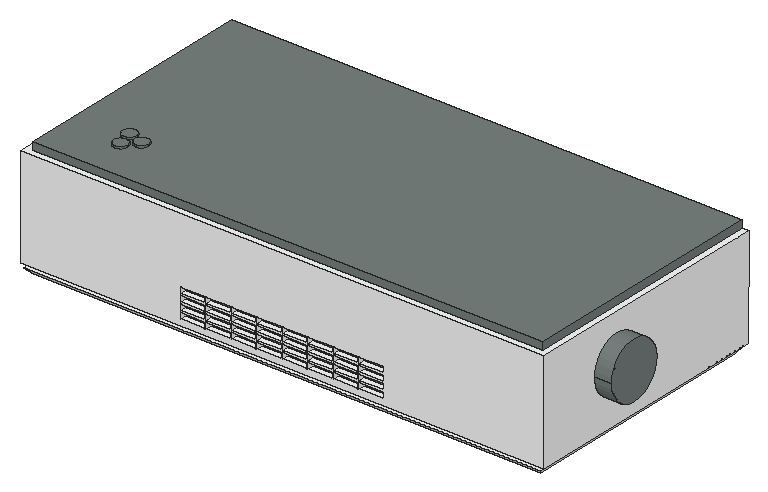
Revit family "AM 150 HHBDE", category Mechanical Equipment, Revit 2019
Family settings
  Round Connector Dimension = Use Diameter
  Part Type = Normal
  OmniClass Number = 23.75.00.00
  OmniClass Title = Climate Control (HVAC)
  Work Plane-Based = No
  Always vertical = Yes
  Cut with Voids When Loaded = No
  Shared = No
  Room Calculation Point = No
Parameters
  publication date = "09.10.2024"
  Weight (Standard Unit) = 47  # constant formula
  Water Heater Surface Return = 15 mm  # constant formula
  Water Heater Surface IN = 15 mm  # constant formula
  Version number = "1.0"
  URL = "https://www.airmaster-as.com/products/ventilation-units-wall-mounted/am-150"
  Total Width = 1170 mm  # constant formula
  Total Hight = 262 mm  # constant formula
  T-C Duct Supply = 158 mm  # constant formula
  T-C Duct Exhaust = 158 mm  # constant formula
  Suply Air In = 160 mm  # constant formula
  Return Air = 125 mm  # constant formula
  R-C Duct Supply = 105 mm  # constant formula
  Phase 1 - Max Power Consumption = "1175 W"
  Phase 1 - Max Current = "7,97 A"
  Nominal current, electrical preheating surface = "4,35 A"
  Nominal current, electrical comfort heating surface = "2,17 A"
  Nominal current, air handling unit = "1,45 A"
  Network Conection = "AWG 24 CAT 5e STP"
  Model = "AM 150 HHBDE"
  Max. flow rate 35 dB(A) with ePM10 80% filters = 120.00 m³  # constant formula
  Max. flow rate 35 dB(A) with ePM10 55% filters = 137.00 m³  # constant formula
  Max. flow rate 35 dB(A) with ePM10 50% filters = 156.00 m³  # constant formula
  Max. flow rate 30 dB(A) with ePM10 80% filters = 91.00 m³  # constant formula
  Max. flow rate 30 dB(A) with ePM10 55% filters = 98.00 m³  # constant formula
  Max. flow rate 30 dB(A) with ePM10 50% filters = 123.00 m³  # constant formula
  Manufacturer = "Airmaster A/S"
  Maintenance [instance] = no
  L-C Duct Exhaust = 105 mm  # constant formula
  Exhaust Air = 160 mm  # constant formula
  Total Depth = 571 mm  # constant formula
  Electrical connection = "1 ~ 230 V / N / PE / 50 Hz"
  Drawn By = "LSB"
  Condensate = 6 mm  # constant formula
  BMS Panel = "(PTS) 2x2x0,6"
  BMS Out = "(PTS) 2x2x0,6"
  BMS IN = "(PTS) 2x2x0,6"
  Airlow area [instance] = no
Reference planes
  plane 1 "Center (Front/Back)": y = 0
  plane 2: z = 0
  plane 3 "Center (Left/Right)": x = 0
  plane 4 "Center L/S": y = -571
  plane 5 "Center L/T": x = -585
  plane 6 "Center L/U": x = 585
  plane 7 "TOP": z = 262
  plane 8 "Center L/V": x = -570
  plane 9 "Center L/W": y = -556
  plane 10 "Center L/X": x = 570
  plane 11 "Panel Buttom": z = 20.747
  plane 12 "Panel Top": z = 246.501
  plane 13 "Hatch": z = 14.5
Forms (mm)
  Extrusion 1, solid, material "AM Grey"
    sketch origin (0, 0, 0) x (1, 0, 0) y (0, 1, 0)
      loop
        line (-570, 0) -> (-570, -556) -> (570, -556) -> (570, 0) -> (-570, 0)
    from 14.5 to 262
  Extrusion 2, solid, material "AM White"
    sketch origin (794.5, -1524, 20.747) x (0, -1, 0) y (-1, 0, 0)
      loop
        line (-1524, 1379.5) -> (-1524, 1364.5) -> (-968, 1364.5) -> (-968, 224.5) -> (-1524, 224.5) -> (-1524, 209.5) -> (-953, 209.5) -> (-953, 1379.5) -> (-1524, 1379.5)
    from 0 to -225.754
  Blend 3, solid, material "AM White"
    base sketch origin (-790.646, -1524, 14.5) x (0, -1, 0) y (1, 0, 0)
      loop
        line (-953, 212.613) -> (-953, 1368.657) -> (-1524, 1368.657) -> (-1524, 212.613) -> (-953, 212.613)
    top sketch origin (-790.646, -1524, 14.5) x (0, -1, 0) y (1, 0, 0)
      loop
        line (-968, 223.963) -> (-968, 1357.646) -> (-1509.161, 1357.646) -> (-1509.161, 223.963) -> (-968, 223.963)
    from 0 to -14.5
  Extrusion 4, solid, material "AM Grey"
    sketch origin (-570, 0, 15.499) x (1, 0, 0) y (0, 0, -1)
      loop
        circle (1050, -119.501) r 77.16
      loop
        circle (1050, -119.501) r 78
    from 0 to 18.45
  Extrusion 5, solid, material "AM Grey"
    sketch origin (-785, 0, 15.499) x (1, 0, 0) y (0, 0, -1)
      loop
        circle (305, -119.501) r 77.16
      loop
        circle (305, -119.501) r 78
    from 0 to 18.45
  Extrusion 6, solid, material "Maintenece", visible <- "Maintenance"
    sketch origin (-790.646, -1524, 0) x (1, 0, 0) y (0, -1, 0)
      loop
        line (205.646, -1524) -> (1375.646, -1524) -> (1375.646, -953) -> (205.646, -953) -> (205.646, -1524)
    from 0 to 1200
  Extrusion 7, solid, material "AM Grey"
    sketch origin (-876.982, -12.495, 262) x (1, 0, 0) y (0, 1, 0)
      loop
        circle (423.027, -417.273) r 15.55
    from 0 to 3
  Extrusion 8, solid, material "AM Grey"
    sketch origin (-866.134, 5.874, 262) x (1, 0, 0) y (0, 1, 0)
      loop
        circle (447.132, -446.023) r 15.55
    from 0 to 3
  Extrusion 9, solid, material "AM Grey"
    sketch origin (-855.713, -13.073, 262) x (1, 0, 0) y (0, 1, 0)
      loop
        circle (410.201, -452.535) r 15.55
    from 0 to 3
  Extrusion 10, void
    sketch origin (585, -571, 24.45) x (1, 0, 0) y (0, 0, -1)
      loop
        line (-811.5, -75.55) -> (-757.5, -75.55) -> (-757.5, -61.55) -> (-811.5, -61.55) -> (-811.5, -75.55)
      loop
        line (-811.5, -58.55) -> (-757.5, -58.55) -> (-757.5, -44.55) -> (-811.5, -44.55) -> (-811.5, -58.55)
      loop
        line (-811.5, -41.55) -> (-757.5, -41.55) -> (-757.5, -27.55) -> (-811.5, -27.55) -> (-811.5, -41.55)
      loop
        line (-811.5, -24.55) -> (-757.5, -24.55) -> (-757.5, -10.55) -> (-811.5, -10.55) -> (-811.5, -24.55)
      loop
        line (-754.5, -75.55) -> (-700.5, -75.55) -> (-700.5, -61.55) -> (-754.5, -61.55) -> (-754.5, -75.55)
      loop
        line (-754.5, -58.55) -> (-700.5, -58.55) -> (-700.5, -44.55) -> (-754.5, -44.55) -> (-754.5, -58.55)
      loop
        line (-754.5, -41.55) -> (-700.5, -41.55) -> (-700.5, -27.55) -> (-754.5, -27.55) -> (-754.5, -41.55)
      loop
        line (-754.5, -24.55) -> (-700.5, -24.55) -> (-700.5, -10.55) -> (-754.5, -10.55) -> (-754.5, -24.55)
      loop
        line (-697.5, -75.55) -> (-643.5, -75.55) -> (-643.5, -61.55) -> (-697.5, -61.55) -> (-697.5, -75.55)
      loop
        line (-697.5, -58.55) -> (-643.5, -58.55) -> (-643.5, -44.55) -> (-697.5, -44.55) -> (-697.5, -58.55)
      loop
        line (-697.5, -41.55) -> (-643.5, -41.55) -> (-643.5, -27.55) -> (-697.5, -27.55) -> (-697.5, -41.55)
      loop
        line (-697.5, -24.55) -> (-643.5, -24.55) -> (-643.5, -10.55) -> (-697.5, -10.55) -> (-697.5, -24.55)
      loop
        line (-640.5, -75.55) -> (-586.5, -75.55) -> (-586.5, -61.55) -> (-640.5, -61.55) -> (-640.5, -75.55)
      loop
        line (-640.5, -58.55) -> (-586.5, -58.55) -> (-586.5, -44.55) -> (-640.5, -44.55) -> (-640.5, -58.55)
      loop
        line (-640.5, -41.55) -> (-586.5, -41.55) -> (-586.5, -27.55) -> (-640.5, -27.55) -> (-640.5, -41.55)
      loop
        line (-640.5, -24.55) -> (-586.5, -24.55) -> (-586.5, -10.55) -> (-640.5, -10.55) -> (-640.5, -24.55)
      loop
        line (-583.5, -75.55) -> (-529.5, -75.55) -> (-529.5, -61.55) -> (-583.5, -61.55) -> (-583.5, -75.55)
      loop
        line (-583.5, -58.55) -> (-529.5, -58.55) -> (-529.5, -44.55) -> (-583.5, -44.55) -> (-583.5, -58.55)
      loop
        line (-583.5, -41.55) -> (-529.5, -41.55) -> (-529.5, -27.55) -> (-583.5, -27.55) -> (-583.5, -41.55)
      loop
        line (-583.5, -24.55) -> (-529.5, -24.55) -> (-529.5, -10.55) -> (-583.5, -10.55) -> (-583.5, -24.55)
      loop
        line (-526.5, -75.55) -> (-472.5, -75.55) -> (-472.5, -61.55) -> (-526.5, -61.55) -> (-526.5, -75.55)
      loop
        line (-526.5, -58.55) -> (-472.5, -58.55) -> (-472.5, -44.55) -> (-526.5, -44.55) -> (-526.5, -58.55)
      loop
        line (-526.5, -41.55) -> (-472.5, -41.55) -> (-472.5, -27.55) -> (-526.5, -27.55) -> (-526.5, -41.55)
      loop
        line (-526.5, -24.55) -> (-472.5, -24.55) -> (-472.5, -10.55) -> (-526.5, -10.55) -> (-526.5, -24.55)
      loop
        line (-469.5, -75.55) -> (-415.5, -75.55) -> (-415.5, -61.55) -> (-469.5, -61.55) -> (-469.5, -75.55)
      loop
        line (-469.5, -58.55) -> (-415.5, -58.55) -> (-415.5, -44.55) -> (-469.5, -44.55) -> (-469.5, -58.55)
      loop
        line (-469.5, -41.55) -> (-415.5, -41.55) -> (-415.5, -27.55) -> (-469.5, -27.55) -> (-469.5, -41.55)
      loop
        line (-469.5, -24.55) -> (-415.5, -24.55) -> (-415.5, -10.55) -> (-469.5, -10.55) -> (-469.5, -24.55)
      loop
        line (-412.5, -75.55) -> (-358.5, -75.55) -> (-358.5, -61.55) -> (-412.5, -61.55) -> (-412.5, -75.55)
      loop
        line (-412.5, -58.55) -> (-358.5, -58.55) -> (-358.5, -44.55) -> (-412.5, -44.55) -> (-412.5, -58.55)
      loop
        line (-412.5, -41.55) -> (-358.5, -41.55) -> (-358.5, -27.55) -> (-412.5, -27.55) -> (-412.5, -41.55)
      loop
        line (-412.5, -24.55) -> (-358.5, -24.55) -> (-358.5, -10.55) -> (-412.5, -10.55) -> (-412.5, -24.55)
    from 0 to 15
  Extrusion 11, solid, material "AM Grey"
    sketch origin (585, 0, 20.747) x (0, -1, 0) y (0, 0, -1)
      loop
        circle (369, -122.253) r 62.5
    from 0 to 40
Cuts and joins
  Extrusion 10 cuts Extrusion 1
  Extrusion 10 cuts Extrusion 2
Dimensions and locks
  "Total Depth": plane 4 "Center L/S" to plane 1 "Center (Front/Back)"
  equal spacing: plane 5 "Center L/T", plane 3 "Center (Left/Right)", plane 6 "Center L/U"
  "Total Width": plane 5 "Center L/T" to plane 6 "Center L/U"
  "Total Hight": plane 7 "TOP" to level
  locked: plane 10 "Center L/X" to plane 6 "Center L/U" at 15
  locked: plane 4 "Center L/S" to plane 9 "Center L/W" at 15
  locked: plane 5 "Center L/T" to plane 8 "Center L/V" at 15
  Extrusion 1 to Blend 3 sketch curve = 14.839 mm
  cut or joined group of Extrusion 1, Extrusion 10 to Extrusion 11 sketch curve = 119 mm
  Extrusion 11 sketch curve to plane 1 "Center (Front/Back)" = 369 mm
  plane 6 "Center L/U" to Extrusion 4 sketch curve = 105 mm
  aligned and locked: level to plane 2
  aligned and locked: plane 1 "Center (Front/Back)" to Extrusion 1 sketch curve
  aligned and locked: plane 8 "Center L/V" to Extrusion 1 sketch curve
  aligned and locked: Extrusion 1 sketch curve to plane 9 "Center L/W"
  aligned and locked: Extrusion 1 sketch curve to plane 10 "Center L/X"
  aligned and locked: plane 7 "TOP" to Extrusion 1
  aligned and locked: plane 5 "Center L/T" to Extrusion 2 sketch curve
  aligned and locked: plane 4 "Center L/S" to Extrusion 2 sketch curve
  aligned and locked: plane 6 "Center L/U" to Extrusion 2 sketch curve
  aligned and locked: Extrusion 2 sketch curve to Extrusion 1  (x3)
  aligned and locked: plane 1 "Center (Front/Back)" to Extrusion 2 sketch curve
  aligned and locked: Extrusion 2 to plane 12 "Panel Top"
  aligned and locked: Blend 3 to plane 2
  aligned and locked: plane 13 "Hatch" to Extrusion 1
Automatic sketch dimensions
  plane 1 "Center (Front/Back)" to Extrusion 2 sketch curve = 0 mm
  plane 1 "Center (Front/Back)" to Blend 3 sketch curve = 0 mm
  plane 4 "Center L/S" to Blend 3 sketch curve = 0 mm
  plane 5 "Center L/T" to Blend 3 sketch curve = 6.967 mm
  Blend 3 sketch curve to plane 6 "Center L/U" = 6.989 mm
  plane 9 "Center L/W" to Blend 3 sketch curve = 0 mm
  plane 8 "Center L/V" to Blend 3 sketch curve = 3.316 mm
  Blend 3 sketch curve to plane 10 "Center L/X" = 3 mm
  Extrusion 6 sketch curve to Blend 3 = 18.316 mm
  Extrusion 6 sketch curve to Blend 3 = 18 mm
  Extrusion 6 sketch curve to Blend 3 = 15 mm
  Extrusion 6 sketch curve to Blend 3 = 14.839 mm
  Extrusion 7 sketch curve to Extrusion 1 = 1023.955 mm
  Extrusion 7 sketch curve to Extrusion 1 = 126.232 mm
  Extrusion 8 sketch curve to Extrusion 1 = 989.002 mm
  Extrusion 8 sketch curve to Extrusion 1 = 115.851 mm
  Extrusion 9 sketch curve to Extrusion 1 = 1015.512 mm
  Extrusion 9 sketch curve to Extrusion 1 = 90.392 mm
  Extrusion 10 sketch curve to Extrusion 2 = 79.253 mm  (x2)
  Extrusion 10 sketch curve to Extrusion 2 = 358.5 mm
  Extrusion 10 sketch curve to Extrusion 2 = 14.253 mm
  Extrusion 10 sketch curve to Extrusion 10 sketch curve = 0 mm  (x60)
  Extrusion 10 sketch curve to Extrusion 10 sketch curve = 54 mm  (x8)
  Extrusion 10 sketch curve to Extrusion 10 sketch curve = 3 mm  (x38)
  Extrusion 10 sketch curve to Extrusion 10 sketch curve = 14 mm  (x18)
  Extrusion 5 sketch curve to Extrusion 5 sketch curve = 0 mm  (x3)
  plane 12 "Panel Top" to Extrusion 5 sketch curve = 111.501 mm
  plane 8 "Center L/V" to Extrusion 5 sketch curve = 90 mm
  Extrusion 4 sketch curve to Extrusion 4 sketch curve = 0 mm  (x2)
  Extrusion 1 to Extrusion 4 sketch curve = 120.5 mm
  radius of Extrusion 7 sketch curve = 15.55 mm
  radius of Extrusion 8 sketch curve = 15.55 mm
  radius of Extrusion 9 sketch curve = 15.55 mm
  radius of Extrusion 11 sketch curve = 62.5 mm
  radius of Extrusion 5 sketch curve = 77.16 mm
  radius of Extrusion 5 sketch curve = 78 mm
  radius of Extrusion 4 sketch curve = 77.16 mm
  radius of Extrusion 4 sketch curve = 78 mm
Nested families
  nested 1: "Model Label 2019" at (0, -361.924, 0), Label <- "Model", type "Model Label 2019"
    with Label "AM 150 HHBDE"
  nested 2: "indblæssymbol" at (0, -621, 0) x (0, -1, 0) z (0, 0, 1), type "indblæssymbol"
    with dX_ 609 mm, dX 609 mm, ang2D 0.00°
Connectors
  electrical at (-453.955, -429.768, 262)
    settings: on Extrusion 7, index 13, voltage 230 V, apparent load 0 VA, apparent load phase1 0 VA, apparent load phase2 0 VA, apparent load phase3 0 VA, power factor 0.55, load classification "Other", number of poles 1, system type 30, power factor state 1, is connector primary yes, connector utility no, sub classification motor no, connector description ""
  electrical at (-419.002, -440.149, 262), driven by "BMS Out"
    settings: on Extrusion 8, index 14, voltage 0 V, apparent load 0 VA, apparent load phase1 0 VA, apparent load phase2 0 VA, apparent load phase3 0 VA, power factor 1, load classification "Other", number of poles 1, system type 5, power factor state 1, is connector primary no, connector utility no, sub classification motor no, connector description "(PTS) 2x2x0,6"
  electrical at (-445.512, -465.608, 262), driven by "BMS IN"
    settings: on Extrusion 9, index 15, voltage 0 V, apparent load 0 VA, apparent load phase1 0 VA, apparent load phase2 0 VA, apparent load phase3 0 VA, power factor 1, load classification "Other", number of poles 1, system type 5, power factor state 1, is connector primary no, connector utility no, sub classification motor no, connector description "(PTS) 2x2x0,6"
  hvac at (-480, 0, 135), driven by "Exhaust Air"
    settings: on Extrusion 5, index 17, duct flow 0.0 L/s, flow factor 0, pres drop 0.0 Pa, loss coef 0, conn angle 0.00°, conn width 304.8 mm, conn height 304.8 mm, conn diameter 160 mm, duct sys type 3, conn prof type 0, flow config 2, flow direction 2, loss method 0, conn ref index -1, conn util no, is conn primary yes, conn desc ""
  hvac at (480, 0, 135), driven by "Suply Air In"
    settings: on Extrusion 4, index 18, duct flow 0.0 L/s, flow factor 0, pres drop 0.0 Pa, loss coef 0, conn angle 0.00°, conn width 304.8 mm, conn height 304.8 mm, conn diameter 160 mm, duct sys type 1, conn prof type 0, flow config 2, flow direction 1, loss method 0, conn ref index -1, conn util no, is conn primary no, conn desc ""
  hvac at (585, -369, 143), driven by "Return Air"
    settings: on Extrusion 11, index 19, duct flow 0.0 L/s, flow factor 0, pres drop 0.0 Pa, loss coef 0, conn angle 0.00°, conn width 304.8 mm, conn height 304.8 mm, conn diameter 125 mm, duct sys type 2, conn prof type 0, flow config 2, flow direction 1, loss method 0, conn ref index -1, conn util no, is conn primary no, conn desc ""
Definition of nested family "Model Label 2019"
  Parameters (values of type "Model Label 2019")
    Label [instance] = ""
  Reference planes
    plane 1: y = 0
    plane 2: x = 0
  Text (mm)
    label "Label" at (-0.131, 0.049, 0), shows "Label"
Definition of nested family "indblæssymbol"
  Parameters (values of type "indblæssymbol")
    dX_ [instance] = if(dX = 0 mm, 1 mm, dX)  # 609 mm
    dX [instance] = 609 mm
    ang2D [instance] = 0.00°
    Type Comments = "DO NOT CHANGE dX value from 608 mm ( 2 ft )"
    Afstand pil = 50 mm
  Reference planes
    plane 1 "Center (Front/Back)": y = 0
    plane 2: z = 0
    plane 3 "Center (Left/Right)": x = 0
  Lines and regions (mm)
    Filled region 1, type "Concrete", in view "Ref. Level"
      outline origin (50.005, 0, 0) x (1, 0, 0) y (0, 1, 0)
        loop
          line (399.995, 0.414) -> (301.442, 17.365) -> (301.588, -17.365) -> (399.995, 0.414)
    reference lines, in view "Ref. Level"
      curve 1: line (50, 134.129, 0) -> (50, -145.871, 0)
    detail lines, in view "Ref. Level"
      curve 2: line (351.52, 0, 0) -> (50, 0, 0)
  Dimensions and locks
    "Afstand pil": plane 3 "Center (Left/Right)" to curve 1
    curve 1 to Filled region 1 = 400 mm
  Automatic sketch dimensions
    Filled region 1 sketch curve to plane 1 "Center (Front/Back)" = 0.414 mm
    plane 3 "Center (Left/Right)" to Filled region 1 sketch curve = 450 mm
    plane 1 "Center (Front/Back)" to Filled region 1 sketch curve = 17.365 mm
    Filled region 1 sketch curve to Filled region 1 sketch curve = 98.407 mm
    Filled region 1 sketch curve to plane 1 "Center (Front/Back)" = 17.365 mm
    Filled region 1 sketch curve to Filled region 1 sketch curve = 0.146 mm
    plane 1 "Center (Front/Back)" to curve 2 = 0 mm
    plane 3 "Center (Left/Right)" to curve 2 = 50 mm
    curve 2 to curve 2 = 301.52 mm
    plane 1 "Center (Front/Back)" to curve 1 = 145.871 mm
    curve 1 to plane 1 "Center (Front/Back)" = 134.129 mm
